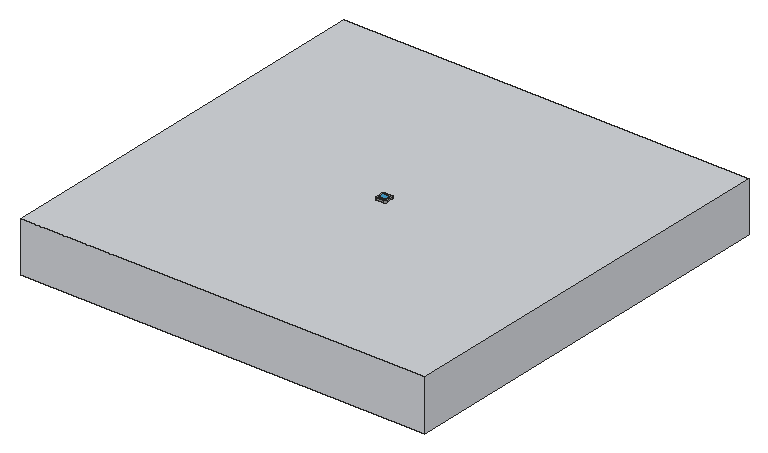
Revit family "2CKA006410A0397", category Electrical Fixtures, host Face, Revit 2014
Parameters
  White = White
  Glass = Glass
  Default Elevation = 1219.2 mm
Reference planes
  plane 1 "Center (Front/Back)": y = 0
  plane 2: z = 0
  plane 3 "Center (Left/Right)": x = 0
Forms (mm)
  Extrusion 1, solid
    sketch origin (0, 0, 0) x (1, 0, 0) y (0, 1, 0)
      loop
        line (-1219.2, 1219.2) -> (-1219.2, -1219.2) -> (1219.2, -1219.2) -> (1219.2, 1219.2) -> (-1219.2, 1219.2)
    from 0 to -304.8
  Extrusion 2, solid, material "Glass" <- "Glass", detail levels medium+fine
    sketch origin (0, 0, 0) x (1, 0, 0) y (0, 1, 0)
      loop
        line (-20, 14.8) -> (-20, -14.8)
        arc (-20, -14.8) -> (-19.649, -15.649) -> (-18.8, -16) r 1.2
        line (-18.8, -16) -> (19.8, -16)
        arc (19.8, -16) -> (20.649, -15.649) -> (21, -14.8) r 1.2
        line (21, -14.8) -> (21, 14.8)
        arc (21, 14.8) -> (20.649, 15.649) -> (19.8, 16) r 1.2
        line (19.8, 16) -> (-18.8, 16)
        arc (-18.8, 16) -> (-19.649, 15.649) -> (-20, 14.8) r 1.2
    from 8.5 to 11
  Extrusion 3, solid, material "White" <- "White", detail levels medium+fine
    sketch origin (0, 0, 0) x (1, 0, 0) y (0, 1, 0)
      loop
        line (-26, 26) -> (-26, -26) -> (26, -26) -> (26, 26) -> (-26, 26)
    from 0 to -28.4
  Extrusion 4, solid, material "White" <- "White", detail levels fine
    sketch origin (0, 0, 0) x (1, 0, 0) y (0, 1, 0)
      loop
        arc (-31.5, -20.5) -> (-28.278, -28.278) -> (-20.5, -31.5) r 11
        line (-20.5, -31.5) -> (20.5, -31.5)
        arc (20.5, -31.5) -> (28.278, -28.278) -> (31.5, -20.5) r 11
        line (31.5, -20.5) -> (31.5, 20.5)
        arc (31.5, 20.5) -> (28.278, 28.278) -> (20.5, 31.5) r 11
        line (20.5, 31.5) -> (-20.5, 31.5)
        arc (-20.5, 31.5) -> (-28.278, 28.278) -> (-31.5, 20.5) r 11
        line (-31.5, 20.5) -> (-31.5, -20.5)
    from 0 to 8.5
  Extrusion 5, solid, material "White" <- "White", detail levels medium
    sketch origin (0, 0, 0) x (1, 0, 0) y (0, 1, 0)
      loop
        line (-31.5, -31.5) -> (31.5, -31.5) -> (31.5, 31.5) -> (-31.5, 31.5) -> (-31.5, -31.5)
    from 0 to 8.5
  Extrusion 6, solid, material "White" <- "White", detail levels coarse
    sketch origin (0, 0, 0) x (1, 0, 0) y (0, 1, 0)
      loop
        line (31.5, 31.5) -> (-31.5, 31.5) -> (-31.5, -31.5) -> (31.5, -31.5) -> (31.5, 31.5)
    from -28.4 to 11
Lines and regions (mm)
  reference lines
    curve 1: line (0, 31.5, 0) -> (0, -31.5, 0)
Dimensions and locks
  aligned and locked: plane 2 to Extrusion 1
  aligned and locked: level to Extrusion 1
Connectors
  electrical at (0, 0, -28.4)
    settings: on Extrusion 6, index 1, voltage 230 V, apparent load 0 VA, apparent load phase1 0 VA, apparent load phase2 0 VA, apparent load phase3 0 VA, power factor 1, load classification "Other", number of poles 1, system type 30, power factor state 1, is connector primary yes, connector utility no, sub classification motor no, connector description ""
